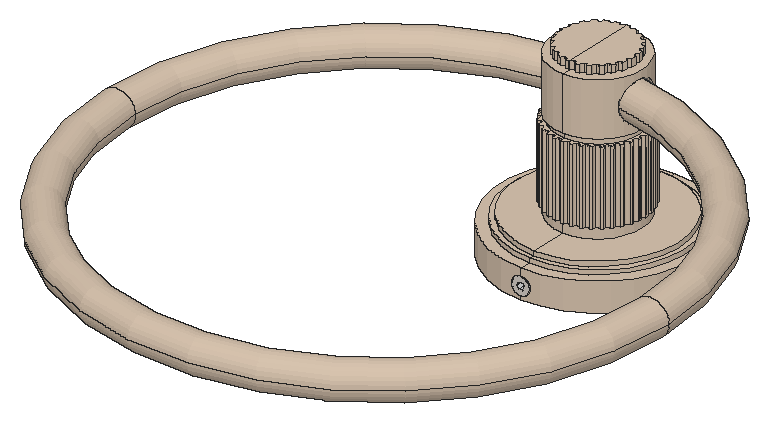
Revit family "Accessory-Towel_Ring-KALLISTA-Vir_Stil-P80246", category Specialty Equipment, host Face, Revit 2021
Family settings
  Host = Face
  Round Connector Dimension = Use Diameter
  Part Type = Normal
  OmniClass Number = 23.31.25.00
  OmniClass Title = Toilet and Bath Specialties
  Cut with Voids When Loaded = No
  Shared = No
  Room Calculation Point = No
Parameters (values of type "BAF-Brushed French Gold")
  Width = 2.09843"
  WaterSense Certified = 1 = 0  # no
  URL = "https://www.kallista.com/"
  Type = 1
  Product Page URL = ""
  Product Name = "Vir Stil"  # constant formula
  Product Documentation Link = ""
  Model = if(Type = 1, "P80246-00-BAF", if(Type = 2, "P80246-00-BN", if(Type = 3, "P80246-00-CP", if(Type = 4, "P80246-00-SN", "NA"))))  # "P80246-00-BAF"
  Material = "Premium Metal Construction"  # constant formula
  Master Format 2014 Name = "Toilet, Bath, and Laundry Accessories"  # constant formula
  Master Format 2014 = "10 28 00"  # constant formula
  Manufacturer Address = "444 Highland Dr, Kohler, WI 53044"  # constant formula
  Manufacturer = "Kallista Co."  # constant formula
  Length = 6 95/256"  # constant formula
  Height = 7 33/128"  # constant formula
  Finish = Kallista-Metal-BAF-Brushed_French_Gold
  Environmental Product Declaration = ""
  Description = "Towel Ring"  # constant formula
  Default Elevation = 42"
  Declare Label = ""
  Date Modified = "10/26/2023"  # constant formula
  Date Created = "10/26/2023"  # constant formula
  Copyright = "Copyright Kallista Co."  # constant formula
  Contact Us = "https://www.kallista.com/corporate/contact-us/"
  Assembly Code = "C1030200"
  ADA Compliant = 1 = 0  # no
Reference planes (in)
  plane 1 "Center (Front/Back)": y = 0
  plane 2: z = 0
  plane 3 "Center (Left/Right)": x = 0
  plane 4: y = 1.08268
  plane 5: y = -6.17514
  plane 6: y = -1.08268
  plane 7: x = -1.08268
  plane 8: x = 1.08268
  plane 9: z = 1.51155
  plane 10: z = 1.90526
  plane 11: z = 0.41339
  plane 12: z = 1.70841
  plane 13: x = 3.18504
  plane 14: x = -3.18605
  plane 15: y = 0.52953
  plane 16: y = -0.52953
  plane 17: z = 2.09843
Dimensions and locks (in)
  "Height": plane 4 to plane 5
  plane 7 to plane 8 = 2.16535"  (x2)
  "Length": plane 14 to plane 13
  plane 9 to plane 10 = 0.3937"
  plane 15 to plane 16 = 1.05906"
  level to plane 11 = 0.41339"
  plane 14 to plane 13 = 6 95/256"
  "Width": plane 17 to level
  plane 4 to plane 6 = 2.16535"
  aligned and locked: plane 2 to host face
  aligned and locked: level to host face
  aligned and locked: plane 1 "Center (Front/Back)" to nested 1
  aligned and locked: plane 3 "Center (Left/Right)" to nested 1
Automatic sketch dimensions
  host sketch curve to host sketch curve = 96"  (x2)
Nested families (in)
  nested 1: "P80246" at (0, 0, 0), type "P80246"
Definition of nested family "P80246"
  Parameters
    Material = none
    Default Elevation = 0"
  Reference planes (in)
    plane 1 "Center (Front/Back)": y = 0
    plane 2: z = 0
    plane 3 "Center (Left/Right)": x = 0
    plane 4: z = 2.09843
    plane 5: y = -0.52953
    plane 6: y = 0.52953
    plane 7: z = 0.41339
    plane 8: y = -1.08268
    plane 9: y = 1.08268
    plane 10 "sw": z = 1.70841
    plane 11: z = 1.90526
    plane 12: z = 1.51155
    plane 13: y = -6.17323
    plane 14: x = -3.18504
    plane 15: x = 3.18504
    plane 16: x = -1.08268
    plane 17: x = 1.08268
  Forms (in)
    Sweep 1, void
      path origin (0, 0, 1.70841) x (-1, 0, 0) y (0, -1, 0)
        loop
          circle (0, 2.99214) r 2.99214
      profile origin (2.99214, -2.99214, 1.70841) x (-1, 0, 0) y (0, 0, 1)
        loop
          circle (0, 0) r 0.21654
    Revolve 2, solid, material <- "Material", detail levels medium+fine
      sketch origin (0, 0, 0) x (0, 1, 0) y (0, 0, 1)
        loop
          line (1.08268, 0) -> (1.08268, 0.31498) -> (0.96063, 0.31498) -> (0.96063, 0.36222) -> (0.90158, 0.36222) -> (0.90158, 0.41341) -> (0, 0.41341) -> (0, 0) -> (1.08268, 0)
        loop
          line (0.53115, 0.53155) -> (0.53115, 1.35042) -> (0.465, 1.35042) -> (0.465, 1.41343) -> (0.49575, 1.41343) -> (0.49575, 2.00396) -> (0.31124, 2.00396) -> (0.35403, 2.01953) -> (0.41207, 2.01953) -> (0.41207, 2.09845) -> (0, 2.09845) -> (0, 0.53155) -> (0.53115, 0.53155)
        axis (0, 0) -> (0, 2.09845)
      angle from 0 to 360
    Revolve 3, solid, material <- "Material", detail levels medium+fine
      sketch origin (0, 0, 0) x (0, 1, 0) y (0, 0, 1)
        loop
          line (0, 0.53155) -> (0, 0.41341) -> (0.495, 0.41341) -> (0.495, 0.53155) -> (0, 0.53155)
        axis (0, 0.41341) -> (0, 0.53155)
      angle from 0 to 360
    Extrusion 4, void
      sketch origin (0, 0, 0) x (1, 0, 0) y (0, 1, 0)
        loop
          circle (0.44861, -0.28438) r 0.03171
      from 0.47999 to 1.39363
    Extrusion 5, void
      sketch origin (0, 0, 0) x (0.984808, 0.173648, 0) y (-0.173648, 0.984808, 0)
        loop
          circle (0.44861, -0.28438) r 0.03171
      from 0.47999 to 1.39363
    Extrusion 6, void
      sketch origin (0, 0, 0) x (0.939693, 0.34202, 0) y (-0.34202, 0.939693, 0)
        loop
          circle (0.44861, -0.28438) r 0.03171
      from 0.47999 to 1.39363
    Extrusion 7, void
      sketch origin (0, 0, 0) x (0.866025, 0.5, 0) y (-0.5, 0.866025, 0)
        loop
          circle (0.44861, -0.28438) r 0.03171
      from 0.47999 to 1.39363
    Extrusion 8, void
      sketch origin (0, 0, 0) x (0.766044, 0.642788, 0) y (-0.642788, 0.766044, 0)
        loop
          circle (0.44861, -0.28438) r 0.03171
      from 0.47999 to 1.39363
    Extrusion 9, void
      sketch origin (0, 0, 0) x (0.642788, 0.766044, 0) y (-0.766044, 0.642788, 0)
        loop
          circle (0.44861, -0.28438) r 0.03171
      from 0.47999 to 1.39363
    Extrusion 10, void
      sketch origin (0, 0, 0) x (0.5, 0.866025, 0) y (-0.866025, 0.5, 0)
        loop
          circle (0.44861, -0.28438) r 0.03171
      from 0.47999 to 1.39363
    Extrusion 11, void
      sketch origin (0, 0, 0) x (0.34202, 0.939693, 0) y (-0.939693, 0.34202, 0)
        loop
          circle (0.44861, -0.28438) r 0.03171
      from 0.47999 to 1.39363
    Extrusion 12, void
      sketch origin (0, 0, 0) x (0.173648, 0.984808, 0) y (-0.984808, 0.173648, 0)
        loop
          circle (0.44861, -0.28438) r 0.03171
      from 0.47999 to 1.39363
    Extrusion 13, void
      sketch origin (0, 0, 0) x (0, 1, 0) y (-1, 0, 0)
        loop
          circle (0.44861, -0.28438) r 0.03171
      from 0.47999 to 1.39363
    Extrusion 14, void
      sketch origin (0, 0, 0) x (-0.173648, 0.984808, 0) y (-0.984808, -0.173648, 0)
        loop
          circle (0.44861, -0.28438) r 0.03171
      from 0.47999 to 1.39363
    Extrusion 15, void
      sketch origin (0, 0, 0) x (-0.34202, 0.939693, 0) y (-0.939693, -0.34202, 0)
        loop
          circle (0.44861, -0.28438) r 0.03171
      from 0.47999 to 1.39363
    Extrusion 16, void
      sketch origin (0, 0, 0) x (-0.5, 0.866025, 0) y (-0.866025, -0.5, 0)
        loop
          circle (0.44861, -0.28438) r 0.03171
      from 0.47999 to 1.39363
    Extrusion 17, void
      sketch origin (0, 0, 0) x (-0.642788, 0.766044, 0) y (-0.766044, -0.642788, 0)
        loop
          circle (0.44861, -0.28438) r 0.03171
      from 0.47999 to 1.39363
    Extrusion 18, void
      sketch origin (0, 0, 0) x (-0.766044, 0.642788, 0) y (-0.642788, -0.766044, 0)
        loop
          circle (0.44861, -0.28438) r 0.03171
      from 0.47999 to 1.39363
    Extrusion 19, void
      sketch origin (0, 0, 0) x (-0.866025, 0.5, 0) y (-0.5, -0.866025, 0)
        loop
          circle (0.44861, -0.28438) r 0.03171
      from 0.47999 to 1.39363
    Extrusion 20, void
      sketch origin (0, 0, 0) x (-0.939693, 0.34202, 0) y (-0.34202, -0.939693, 0)
        loop
          circle (0.44861, -0.28438) r 0.03171
      from 0.47999 to 1.39363
    Extrusion 21, void
      sketch origin (0, 0, 0) x (-0.984808, 0.173648, 0) y (-0.173648, -0.984808, 0)
        loop
          circle (0.44861, -0.28438) r 0.03171
      from 0.47999 to 1.39363
    Extrusion 22, void
      sketch origin (0, 0, 0) x (-1, 0, 0) y (0, -1, 0)
        loop
          circle (0.44861, -0.28438) r 0.03171
      from 0.47999 to 1.39363
    Extrusion 23, void
      sketch origin (0, 0, 0) x (-0.984808, -0.173648, 0) y (0.173648, -0.984808, 0)
        loop
          circle (0.44861, -0.28438) r 0.03171
      from 0.47999 to 1.39363
    Extrusion 24, void
      sketch origin (0, 0, 0) x (-0.939693, -0.34202, 0) y (0.34202, -0.939693, 0)
        loop
          circle (0.44861, -0.28438) r 0.03171
      from 0.47999 to 1.39363
    Extrusion 25, void
      sketch origin (0, 0, 0) x (-0.866025, -0.5, 0) y (0.5, -0.866025, 0)
        loop
          circle (0.44861, -0.28438) r 0.03171
      from 0.47999 to 1.39363
    Extrusion 26, void
      sketch origin (0, 0, 0) x (-0.766044, -0.642788, 0) y (0.642788, -0.766044, 0)
        loop
          circle (0.44861, -0.28438) r 0.03171
      from 0.47999 to 1.39363
    Extrusion 27, void
      sketch origin (0, 0, 0) x (-0.642788, -0.766044, 0) y (0.766044, -0.642788, 0)
        loop
          circle (0.44861, -0.28438) r 0.03171
      from 0.47999 to 1.39363
    Extrusion 28, void
      sketch origin (0, 0, 0) x (-0.5, -0.866025, 0) y (0.866025, -0.5, 0)
        loop
          circle (0.44861, -0.28438) r 0.03171
      from 0.47999 to 1.39363
    Extrusion 29, void
      sketch origin (0, 0, 0) x (-0.34202, -0.939693, 0) y (0.939693, -0.34202, 0)
        loop
          circle (0.44861, -0.28438) r 0.03171
      from 0.47999 to 1.39363
    Extrusion 30, void
      sketch origin (0, 0, 0) x (-0.173648, -0.984808, 0) y (0.984808, -0.173648, 0)
        loop
          circle (0.44861, -0.28438) r 0.03171
      from 0.47999 to 1.39363
    Extrusion 31, void
      sketch origin (0, 0, 0) x (0, -1, 0) y (1, 0, 0)
        loop
          circle (0.44861, -0.28438) r 0.03171
      from 0.47999 to 1.39363
    Extrusion 32, void
      sketch origin (0, 0, 0) x (0.173648, -0.984808, 0) y (0.984808, 0.173648, 0)
        loop
          circle (0.44861, -0.28438) r 0.03171
      from 0.47999 to 1.39363
    Extrusion 33, void
      sketch origin (0, 0, 0) x (0.34202, -0.939693, 0) y (0.939693, 0.34202, 0)
        loop
          circle (0.44861, -0.28438) r 0.03171
      from 0.47999 to 1.39363
    Extrusion 34, void
      sketch origin (0, 0, 0) x (0.5, -0.866025, 0) y (0.866025, 0.5, 0)
        loop
          circle (0.44861, -0.28438) r 0.03171
      from 0.47999 to 1.39363
    Extrusion 35, void
      sketch origin (0, 0, 0) x (0.642788, -0.766044, 0) y (0.766044, 0.642788, 0)
        loop
          circle (0.44861, -0.28438) r 0.03171
      from 0.47999 to 1.39363
    Extrusion 36, void
      sketch origin (0, 0, 0) x (0.766044, -0.642788, 0) y (0.642788, 0.766044, 0)
        loop
          circle (0.44861, -0.28438) r 0.03171
      from 0.47999 to 1.39363
    Extrusion 37, void
      sketch origin (0, 0, 0) x (0.866025, -0.5, 0) y (0.5, 0.866025, 0)
        loop
          circle (0.44861, -0.28438) r 0.03171
      from 0.47999 to 1.39363
    Extrusion 38, void
      sketch origin (0, 0, 0) x (0.939693, -0.34202, 0) y (0.34202, 0.939693, 0)
        loop
          circle (0.44861, -0.28438) r 0.03171
      from 0.47999 to 1.39363
    Extrusion 39, void
      sketch origin (0, 0, 0) x (0.984808, -0.173648, 0) y (0.173648, 0.984808, 0)
        loop
          circle (0.44861, -0.28438) r 0.03171
      from 0.47999 to 1.39363
    Extrusion 40, void
      sketch origin (0.00128, 0.00547, 0) x (1, 0, 0) y (0, 1, 0)
        loop
          circle (-0.41285, 0.05926) r 0.03221
      from 2.00866 to 2.1128
    Extrusion 41, void
      sketch origin (-0.00018, 0.00562, 0) x (0.965926, 0.258819, 0) y (-0.258819, 0.965926, 0)
        loop
          circle (-0.41285, 0.05926) r 0.03221
      from 2.00866 to 2.1128
    Extrusion 42, void
      sketch origin (-0.00163, 0.00538, 0) x (0.866025, 0.5, 0) y (-0.5, 0.866025, 0)
        loop
          circle (-0.41285, 0.05926) r 0.03221
      from 2.00866 to 2.1128
    Extrusion 43, void
      sketch origin (-0.00297, 0.00477, 0) x (0.707107, 0.707107, 0) y (-0.707107, 0.707107, 0)
        loop
          circle (-0.41285, 0.05926) r 0.03221
      from 2.00866 to 2.1128
    Extrusion 44, void
      sketch origin (-0.0041, 0.00384, 0) x (0.5, 0.866025, 0) y (-0.866025, 0.5, 0)
        loop
          circle (-0.41285, 0.05926) r 0.03221
      from 2.00866 to 2.1128
    Extrusion 45, void
      sketch origin (-0.00495, 0.00265, 0) x (0.258819, 0.965926, 0) y (-0.965926, 0.258819, 0)
        loop
          circle (-0.41285, 0.05926) r 0.03221
      from 2.00866 to 2.1128
    Extrusion 46, void
      sketch origin (-0.00547, 0.00128, 0) x (0, 1, 0) y (-1, 0, 0)
        loop
          circle (-0.41285, 0.05926) r 0.03221
      from 2.00866 to 2.1128
    Extrusion 47, void
      sketch origin (-0.00562, -0.00018, 0) x (-0.258819, 0.965926, 0) y (-0.965926, -0.258819, 0)
        loop
          circle (-0.41285, 0.05926) r 0.03221
      from 2.00866 to 2.1128
    Extrusion 48, void
      sketch origin (-0.00538, -0.00163, 0) x (-0.5, 0.866025, 0) y (-0.866025, -0.5, 0)
        loop
          circle (-0.41285, 0.05926) r 0.03221
      from 2.00866 to 2.1128
    Extrusion 49, void
      sketch origin (-0.00477, -0.00297, 0) x (-0.707107, 0.707107, 0) y (-0.707107, -0.707107, 0)
        loop
          circle (-0.41285, 0.05926) r 0.03221
      from 2.00866 to 2.1128
    Extrusion 50, void
      sketch origin (-0.00384, -0.0041, 0) x (-0.866025, 0.5, 0) y (-0.5, -0.866025, 0)
        loop
          circle (-0.41285, 0.05926) r 0.03221
      from 2.00866 to 2.1128
    Extrusion 51, void
      sketch origin (-0.00265, -0.00495, 0) x (-0.965926, 0.258819, 0) y (-0.258819, -0.965926, 0)
        loop
          circle (-0.41285, 0.05926) r 0.03221
      from 2.00866 to 2.1128
    Extrusion 52, void
      sketch origin (-0.00128, -0.00547, 0) x (-1, 0, 0) y (0, -1, 0)
        loop
          circle (-0.41285, 0.05926) r 0.03221
      from 2.00866 to 2.1128
    Extrusion 53, void
      sketch origin (0.00018, -0.00562, 0) x (-0.965926, -0.258819, 0) y (0.258819, -0.965926, 0)
        loop
          circle (-0.41285, 0.05926) r 0.03221
      from 2.00866 to 2.1128
    Extrusion 54, void
      sketch origin (0.00163, -0.00538, 0) x (-0.866025, -0.5, 0) y (0.5, -0.866025, 0)
        loop
          circle (-0.41285, 0.05926) r 0.03221
      from 2.00866 to 2.1128
    Extrusion 55, void
      sketch origin (0.00297, -0.00477, 0) x (-0.707107, -0.707107, 0) y (0.707107, -0.707107, 0)
        loop
          circle (-0.41285, 0.05926) r 0.03221
      from 2.00866 to 2.1128
    Extrusion 56, void
      sketch origin (0.0041, -0.00384, 0) x (-0.5, -0.866025, 0) y (0.866025, -0.5, 0)
        loop
          circle (-0.41285, 0.05926) r 0.03221
      from 2.00866 to 2.1128
    Extrusion 57, void
      sketch origin (0.00495, -0.00265, 0) x (-0.258819, -0.965926, 0) y (0.965926, -0.258819, 0)
        loop
          circle (-0.41285, 0.05926) r 0.03221
      from 2.00866 to 2.1128
    Extrusion 58, void
      sketch origin (0.00547, -0.00128, 0) x (0, -1, 0) y (1, 0, 0)
        loop
          circle (-0.41285, 0.05926) r 0.03221
      from 2.00866 to 2.1128
    Extrusion 59, void
      sketch origin (0.00562, 0.00018, 0) x (0.258819, -0.965926, 0) y (0.965926, 0.258819, 0)
        loop
          circle (-0.41285, 0.05926) r 0.03221
      from 2.00866 to 2.1128
    Extrusion 60, void
      sketch origin (0.00538, 0.00163, 0) x (0.5, -0.866025, 0) y (0.866025, 0.5, 0)
        loop
          circle (-0.41285, 0.05926) r 0.03221
      from 2.00866 to 2.1128
    Extrusion 61, void
      sketch origin (0.00477, 0.00297, 0) x (0.707107, -0.707107, 0) y (0.707107, 0.707107, 0)
        loop
          circle (-0.41285, 0.05926) r 0.03221
      from 2.00866 to 2.1128
    Extrusion 62, void
      sketch origin (0.00384, 0.0041, 0) x (0.866025, -0.5, 0) y (0.5, 0.866025, 0)
        loop
          circle (-0.41285, 0.05926) r 0.03221
      from 2.00866 to 2.1128
    Extrusion 63, void
      sketch origin (0.00265, 0.00495, 0) x (0.965926, -0.258819, 0) y (0.258819, 0.965926, 0)
        loop
          circle (-0.41285, 0.05926) r 0.03221
      from 2.00866 to 2.1128
    Sweep 64, solid, material <- "Material"
      path origin (0, 0, 1.70841) x (-1, 0, 0) y (0, -1, 0)
        loop
          circle (0, 2.99214) r 2.99214
      profile origin (2.99214, -2.99214, 1.70841) x (-1, 0, 0) y (0, 0, 1)
        loop
          circle (0, 0) r 0.19685
    Sweep 65, solid, detail levels medium+fine
      path origin (0, 0, 1.70841) x (-1, 0, 0) y (0, -1, 0)
        loop
          arc (-0.4636, 0.03613) -> (0, 0) -> (0.4636, 0.03613) r 2.99214
      profile origin (0, 0, 1.70841) x (0, -1, 0) y (0, 0, 1)
        loop
          circle (0, 0) r 0.21654
        loop
          circle (0, 0) r 0.19685
    Extrusion 66, void
      sketch origin (0, 0, 0) x (1, 0, 0) y (0, 0, 1)
        loop
          circle (0, 0.13781) r 0.09843
      from 0.71419 to 1.42382
    Extrusion 67, solid, detail levels medium+fine
      sketch origin (0, 0, 0) x (1, 0, 0) y (0, 0, 1)
        loop
          circle (0, 0.13781) r 0.09843
        loop
          line (0.04495, 0.1416) -> (0.0192, 0.17863) -> (-0.02575, 0.17485) -> (-0.04495, 0.13403) -> (-0.0192, 0.097) -> (0.02575, 0.10078) -> (0.04495, 0.1416)
      from 0.7874 to 1.08268
    Revolve 68, solid, material <- "Material", detail levels coarse
      sketch origin (0, 0, 0) x (0, 1, 0) y (0, 0, 1)
        loop
          line (1.08268, 0) -> (1.08268, 0.41341) -> (0.53115, 0.41341) -> (0.53115, 2.09845) -> (0, 2.09845) -> (0, 0.53155) -> (0, 0) -> (1.08268, 0)
        axis (0, 0) -> (0, 2.09845)
      angle from 0 to 360
  Cuts and joins
    Sweep 1, Extrusion 4, Extrusion 5, Extrusion 6, Extrusion 7, Extrusion 8, Extrusion 9, Extrusion 10, Extrusion 11, Extrusion 12, Extrusion 13, Extrusion 14, Extrusion 15, Extrusion 16, Extrusion 17, Extrusion 18, Extrusion 19, Extrusion 20, Extrusion 21, Extrusion 22, Extrusion 23, Extrusion 24, Extrusion 25, Extrusion 26, Extrusion 27, Extrusion 28, Extrusion 29, Extrusion 30, Extrusion 31, Extrusion 32, Extrusion 33, Extrusion 34, Extrusion 35, Extrusion 36, Extrusion 37, Extrusion 38, Extrusion 39, Extrusion 40, Extrusion 41, Extrusion 42, Extrusion 43, Extrusion 44, Extrusion 45, Extrusion 46, Extrusion 47, Extrusion 48, Extrusion 49, Extrusion 50, Extrusion 51, Extrusion 52, Extrusion 53, Extrusion 54, Extrusion 55, Extrusion 56, Extrusion 57, Extrusion 58, Extrusion 59, Extrusion 60, Extrusion 61, Extrusion 62, Extrusion 63, Extrusion 66 cuts Revolve 2
    joined: Revolve 2, Revolve 3
  Lines and regions (in)
    Masking region 1
      outline origin (0, 0, 0) x (0, 1, 0) y (0, 0, 1)
        loop
          line (1.08268, 0) -> (1.08268, 0.31508) -> (0.96064, 0.31508) -> (0.96064, 0.36224) -> (0.90159, 0.36224) -> (0.90159, 0.41339) -> (0.49499, 0.41339) -> (0.49499, 0.53152) -> (0.52953, 0.53152) -> (0.52953, 1.33113)
          arc (0.52953, 1.33113) -> (0.52376, 1.34505) -> (0.50984, 1.35081) r 0.01969
          line (0.50984, 1.35081) -> (0.46319, 1.35081) -> (0.46319, 1.41342) -> (0.49393, 1.41342) -> (0.49393, 2.00397) -> (0.29051, 2.00397) -> (0.32015, 2.01973) -> (0.39238, 2.01973)
          arc (0.39238, 2.01973) -> (0.4063, 2.0255) -> (0.41207, 2.03942) r 0.01969
          line (0.41207, 2.03942) -> (0.41207, 2.07874)
          arc (0.41207, 2.07874) -> (0.4063, 2.09266) -> (0.39238, 2.09843) r 0.01969
          line (0.39238, 2.09843) -> (0.00132, 2.09843) -> (-0.39238, 2.09843)
          arc (-0.39238, 2.09843) -> (-0.4063, 2.09266) -> (-0.41207, 2.07874) r 0.01969
          line (-0.41207, 2.07874) -> (-0.41207, 2.03942)
          arc (-0.41207, 2.03942) -> (-0.4063, 2.0255) -> (-0.39238, 2.01973) r 0.01969
          line (-0.39238, 2.01973) -> (-0.32015, 2.01973) -> (-0.29051, 2.00397) -> (-0.49393, 2.00397) -> (-0.49393, 1.90526) -> (-5.97616, 1.90526)
          arc (-5.97616, 1.90526) -> (-6.06949, 1.88172) -> (-6.14051, 1.81675) r 0.19685
          arc (-6.14051, 1.81675) -> (-6.16477, 1.76496) -> (-6.17323, 1.70841) r 0.19818
          arc (-6.17323, 1.70841) -> (-6.16618, 1.6568) -> (-6.14595, 1.6088) r 0.19845
          arc (-6.14595, 1.6088) -> (-6.07399, 1.53759) -> (-5.97616, 1.51155) r 0.19685
          line (-5.97616, 1.51155) -> (-0.49393, 1.51155) -> (-0.49393, 1.41342) -> (-0.46319, 1.41342) -> (-0.46319, 1.35081) -> (-0.50984, 1.35081)
          arc (-0.50984, 1.35081) -> (-0.52376, 1.34505) -> (-0.52953, 1.33113) r 0.01969
          line (-0.52953, 1.33113) -> (-0.52953, 0.53152) -> (-0.49499, 0.53152) -> (-0.49499, 0.41339) -> (-0.90159, 0.41339) -> (-0.90159, 0.36224) -> (-0.96064, 0.36224) -> (-0.96064, 0.31508) -> (-1.08268, 0.31508) -> (-1.08268, 0) -> (1.08268, 0)
    Masking region 2
      outline origin (0, 0, 1.70841) x (-1, 0, 0) y (0, -1, 0)
        loop
          arc (-1.08257, -0.01495) -> (-0.00112, -1.08268) -> (1.08254, -0.0172) r 1.08268
          arc (1.08254, -0.0172) -> (2.30907, 0.78064) -> (3.05024, 2.04223) r 3.18933
          arc (3.05024, 2.04223) -> (3.15641, 2.51835) -> (3.18504, 3.00533) r 3.03949
          arc (3.18504, 3.00533) -> (3.16266, 3.40493) -> (3.0868, 3.7979) r 2.97207
          arc (3.0868, 3.7979) -> (0.04143, 6.173) -> (-3.06015, 3.87178) r 3.18933
          arc (-3.06015, 3.87178) -> (-3.15213, 3.44723) -> (-3.18504, 3.01407) r 3.16124
          arc (-3.18504, 3.01407) -> (-3.16771, 2.64318) -> (-3.10688, 2.2769) r 3.15106
          arc (-3.10688, 2.2769) -> (-2.3873, 0.87255) -> (-1.08257, -0.01495) r 3.18933
        loop
          arc (1.01427, 0.37875) -> (0.006, 5.7784) -> (-1.01348, 0.38086) r 2.7945
          arc (-1.01348, 0.38086) -> (0.00112, 1.08268) -> (1.01427, 0.37875) r 1.08268
    Masking region 3
      outline origin (0, 0, 0) x (1, 0, 0) y (0, 0, 1)
        loop
          line (0.00033, 2.09843) -> (-0.39338, 2.09843)
          arc (-0.39338, 2.09843) -> (-0.40729, 2.09266) -> (-0.41306, 2.07874) r 0.01969
          line (-0.41306, 2.07874) -> (-0.41306, 2.03938)
          arc (-0.41306, 2.03938) -> (-0.40729, 2.02546) -> (-0.39338, 2.0197) r 0.01969
          line (-0.39338, 2.0197) -> (-0.34366, 2.0197) -> (-0.31732, 2.00387) -> (-0.49006, 2.00387) -> (-0.49212, 1.94886)
          arc (-0.49212, 1.94886) -> (-0.48103, 1.92731) -> (-0.471, 1.90526) r 0.50182
          line (-0.471, 1.90526) -> (-2.99091, 1.90526)
          arc (-2.99091, 1.90526) -> (-3.07959, 1.88415) -> (-3.14926, 1.82535) r 0.19685
          arc (-3.14926, 1.82535) -> (-3.17716, 1.76994) -> (-3.18504, 1.70841) r 0.18378
          arc (-3.18504, 1.70841) -> (-3.17762, 1.64826) -> (-3.15098, 1.59383) r 0.18321
          arc (-3.15098, 1.59383) -> (-3.0809, 1.53333) -> (-2.99091, 1.51155) r 0.19685
          line (-2.99091, 1.51155) -> (-0.47119, 1.51155)
          arc (-0.47119, 1.51155) -> (-0.48114, 1.48972) -> (-0.49212, 1.46839) r 0.50182
          line (-0.49212, 1.46839) -> (-0.49002, 1.41343) -> (-0.45928, 1.41343) -> (-0.45928, 1.35068) -> (-0.5117, 1.35068)
          arc (-0.5117, 1.35068) -> (-0.52562, 1.34492) -> (-0.53139, 1.331) r 0.01969
          line (-0.53139, 1.331) -> (-0.53139, 0.5315) -> (-0.49324, 0.5315) -> (-0.49324, 0.41339) -> (-0.89854, 0.41339) -> (-0.89854, 0.36221) -> (-0.96065, 0.36221) -> (-0.96065, 0.31499) -> (-1.08268, 0.31499) -> (-1.08268, 0) -> (1.08268, 0) -> (1.08268, 0.31499) -> (0.96065, 0.31499) -> (0.96065, 0.36221) -> (0.89854, 0.36221) -> (0.89854, 0.41339) -> (0.49324, 0.41339) -> (0.49324, 0.5315) -> (0.53139, 0.5315) -> (0.53139, 1.331)
          arc (0.53139, 1.331) -> (0.52562, 1.34492) -> (0.5117, 1.35068) r 0.01969
          line (0.5117, 1.35068) -> (0.45928, 1.35068) -> (0.45928, 1.41343) -> (0.49002, 1.41343) -> (0.49212, 1.46839)
          arc (0.49212, 1.46839) -> (0.48114, 1.48972) -> (0.47119, 1.51155) r 0.50182
          line (0.47119, 1.51155) -> (2.99091, 1.51155)
          arc (2.99091, 1.51155) -> (3.0697, 1.52801) -> (3.13532, 1.57463) r 0.19685
          arc (3.13532, 1.57463) -> (3.17344, 1.63659) -> (3.18504, 1.70841) r 0.18708
          arc (3.18504, 1.70841) -> (3.17543, 1.77496) -> (3.14273, 1.83371) r 0.18556
          arc (3.14273, 1.83371) -> (3.07483, 1.88647) -> (2.99091, 1.90526) r 0.19685
          line (2.99091, 1.90526) -> (0.471, 1.90526)
          arc (0.471, 1.90526) -> (0.48103, 1.92731) -> (0.49212, 1.94886) r 0.50182
          line (0.49212, 1.94886) -> (0.49006, 2.00387) -> (0.31732, 2.00387) -> (0.34366, 2.0197) -> (0.39338, 2.0197)
          arc (0.39338, 2.0197) -> (0.40729, 2.02546) -> (0.41306, 2.03938) r 0.01969
          line (0.41306, 2.03938) -> (0.41306, 2.07874)
          arc (0.41306, 2.07874) -> (0.40729, 2.09266) -> (0.39338, 2.09843) r 0.01969
          line (0.39338, 2.09843) -> (0.00033, 2.09843)
    symbolic lines, detail levels medium+fine
      curve 1: line (0, 0.32015, 2.01973) -> (0, -0.32015, 2.01973)
      curve 2: line (0, 0.29051, 2.00397) -> (0, -0.29051, 2.00397)
      curve 3: line (0, 0.41207, 2.03942) -> (0, -0.41207, 2.03942)
      curve 4: line (0, 0.41207, 2.07874) -> (0, -0.41207, 2.07874)
      curve 5: line (0, 0.39238, 2.09843) -> (0, 0.39238, 2.01973)
      curve 6: line (0, -0.39238, 2.09843) -> (0, -0.39238, 2.01973)
      curve 7: line (0, -0.3727, 2.09843) -> (0, -0.3727, 2.01973)
      curve 8: line (0, -0.35301, 2.09843) -> (0, -0.35301, 2.01973)
      curve 9: line (0, -0.33333, 2.09843) -> (0, -0.33333, 2.01973)
      curve 10: line (0, -0.31364, 2.09843) -> (0, -0.31364, 2.01973)
      curve 11: line (0, -0.29396, 2.09843) -> (0, -0.29396, 2.01973)
      curve 12: line (0, -0.27427, 2.09843) -> (0, -0.27427, 2.01973)
      curve 13: line (0, -0.25459, 2.09843) -> (0, -0.25459, 2.01973)
      curve 14: line (0, -0.2349, 2.09843) -> (0, -0.2349, 2.01973)
      curve 15: line (0, -0.21522, 2.09843) -> (0, -0.21522, 2.01973)
      curve 16: line (0, -0.19553, 2.09843) -> (0, -0.19553, 2.01973)
      curve 17: line (0, -0.17585, 2.09843) -> (0, -0.17585, 2.01973)
      curve 18: line (0, -0.15616, 2.09843) -> (0, -0.15616, 2.01973)
      curve 19: line (0, -0.13648, 2.09843) -> (0, -0.13648, 2.01973)
      curve 20: line (0, -0.11679, 2.09843) -> (0, -0.11679, 2.01973)
      curve 21: line (0, -0.09711, 2.09843) -> (0, -0.09711, 2.01973)
      curve 22: line (0, -0.07742, 2.09843) -> (0, -0.07742, 2.01973)
      curve 23: line (0, -0.05774, 2.09843) -> (0, -0.05774, 2.01973)
      curve 24: line (0, -0.03805, 2.09843) -> (0, -0.03805, 2.01973)
      curve 25: line (0, -0.01837, 2.09843) -> (0, -0.01837, 2.01973)
      curve 26: line (0, 0.00132, 2.09843) -> (0, 0.00132, 2.01973)
      curve 27: line (0, 0.021, 2.09843) -> (0, 0.021, 2.01973)
      curve 28: line (0, 0.04069, 2.09843) -> (0, 0.04069, 2.01973)
      curve 29: line (0, 0.06037, 2.09843) -> (0, 0.06037, 2.01973)
      curve 30: line (0, 0.08006, 2.09843) -> (0, 0.08006, 2.01973)
      curve 31: line (0, 0.09974, 2.09843) -> (0, 0.09974, 2.01973)
      curve 32: line (0, 0.11943, 2.09843) -> (0, 0.11943, 2.01973)
      curve 33: line (0, 0.13911, 2.09843) -> (0, 0.13911, 2.01973)
      curve 34: line (0, 0.1588, 2.09843) -> (0, 0.1588, 2.01973)
      curve 35: line (0, 0.17848, 2.09843) -> (0, 0.17848, 2.01973)
      curve 36: line (0, 0.19817, 2.09843) -> (0, 0.19817, 2.01973)
      curve 37: line (0, 0.21785, 2.09843) -> (0, 0.21785, 2.01973)
      curve 38: line (0, 0.23754, 2.09843) -> (0, 0.23754, 2.01973)
      curve 39: line (0, 0.25722, 2.09843) -> (0, 0.25722, 2.01973)
      curve 40: line (0, 0.27691, 2.09843) -> (0, 0.27691, 2.01973)
      curve 41: line (0, 0.29659, 2.09843) -> (0, 0.29659, 2.01973)
      curve 42: line (0, 0.31628, 2.09843) -> (0, 0.31628, 2.01973)
      curve 43: line (0, 0.33597, 2.09843) -> (0, 0.33597, 2.01973)
      curve 44: line (0, 0.35565, 2.09843) -> (0, 0.35565, 2.01973)
      curve 45: line (0, 0.37534, 2.09843) -> (0, 0.37534, 2.01973)
      curve 46: arc (0, -0.13718, 1.51155) -> (0, 0.24016, 1.70916) -> (0, -0.13796, 1.90526) r 0.24016
      curve 47: line (0, -0.49393, 1.90526) -> (0, 0, 1.90526)
      curve 48: line (0, -0.49393, 1.51155) -> (0, 0, 1.51155)
      curve 49: arc (0, 0, 1.90526) -> (0, 0.19685, 1.70841) -> (0, 0, 1.51155) r 0.19685
      curve 50: line (0, 0.46319, 1.41342) -> (0, -0.46319, 1.41342)
      curve 51: line (0, 0.45472, 1.35081) -> (0, -0.47047, 1.35081)
      curve 52: line (0, 0.52953, 1.33113) -> (0, -0.52953, 1.33113)
      curve 53: line (0, 0.49499, 0.53152) -> (0, -0.49016, 0.53152)
      curve 54: line (0, 0.49499, 0.41339) -> (0, -0.49499, 0.41339)
      curve 55: line (0, 0.90159, 0.36224) -> (0, -0.90159, 0.36224)
      curve 56: line (0, 0.96064, 0.31508) -> (0, -0.96064, 0.31508)
      curve 57: arc (0, -1.08268, 0.22889) -> (0, -1.07619, 0.13726) -> (0, -1.08268, 0.04562) r 0.6508
      curve 58: line (0, 0.50984, 1.35081) -> (0, 0.50984, 0.53152)
      curve 59: line (0, -0.50984, 1.35081) -> (0, -0.50984, 0.53152)
      curve 60: line (0, -0.49016, 1.35081) -> (0, -0.49016, 0.53152)
      curve 61: line (0, -0.47047, 1.35081) -> (0, -0.47047, 0.53152)
      curve 62: line (0, -0.27362, 1.35081) -> (0, -0.27362, 0.53152)
      curve 63: line (0, -0.25394, 1.35081) -> (0, -0.25394, 0.53152)
      curve 64: line (0, -0.23425, 1.35081) -> (0, -0.23425, 0.53152)
      curve 65: line (0, -0.21457, 1.35081) -> (0, -0.21457, 0.53152)
      curve 66: line (0, -0.19488, 1.35081) -> (0, -0.19488, 0.53152)
      curve 67: line (0, -0.1752, 1.35081) -> (0, -0.1752, 0.53152)
      curve 68: line (0, -0.15551, 1.35081) -> (0, -0.15551, 0.53152)
      curve 69: line (0, -0.13583, 1.35081) -> (0, -0.13583, 0.53152)
      curve 70: line (0, -0.11614, 1.35081) -> (0, -0.11614, 0.53152)
      curve 71: line (0, -0.09646, 1.35081) -> (0, -0.09646, 0.53152)
      curve 72: line (0, -0.07677, 1.35081) -> (0, -0.07677, 0.53152)
      curve 73: line (0, -0.05709, 1.35081) -> (0, -0.05709, 0.53152)
      curve 74: line (0, -0.0374, 1.35081) -> (0, -0.0374, 0.53152)
      curve 75: line (0, -0.01772, 1.35081) -> (0, -0.01772, 0.53152)
      curve 76: line (0, 0.00197, 1.35081) -> (0, 0.00197, 0.53152)
      curve 77: line (0, 0.02165, 1.35081) -> (0, 0.02165, 0.53152)
      curve 78: line (0, 0.04134, 1.35081) -> (0, 0.04134, 0.53152)
      curve 79: line (0, 0.06102, 1.35081) -> (0, 0.06102, 0.53152)
      curve 80: line (0, 0.08071, 1.35081) -> (0, 0.08071, 0.53152)
      curve 81: line (0, 0.10039, 1.35081) -> (0, 0.10039, 0.53152)
      curve 82: line (0, 0.12008, 1.35081) -> (0, 0.12008, 0.53152)
      curve 83: line (0, 0.13976, 1.35081) -> (0, 0.13976, 0.53152)
      curve 84: line (0, 0.15945, 1.35081) -> (0, 0.15945, 0.53152)
      curve 85: line (0, 0.17913, 1.35081) -> (0, 0.17913, 0.53152)
      curve 86: line (0, 0.19882, 1.35081) -> (0, 0.19882, 0.53152)
      curve 87: line (0, 0.2185, 1.35081) -> (0, 0.2185, 0.53152)
      curve 88: line (0, 0.23819, 1.35081) -> (0, 0.23819, 0.53152)
      curve 89: line (0, 0.25787, 1.35081) -> (0, 0.25787, 0.53152)
      curve 90: line (0, 0.27756, 1.35081) -> (0, 0.27756, 0.53152)
      curve 91: line (0, 0.29724, 1.35081) -> (0, 0.29724, 0.53152)
      curve 92: line (0, 0.31693, 1.35081) -> (0, 0.31693, 0.53152)
      curve 93: line (0, 0.33661, 1.35081) -> (0, 0.33661, 0.53152)
      curve 94: line (0, 0.3563, 1.35081) -> (0, 0.3563, 0.53152)
      curve 95: line (0, 0.37598, 1.35081) -> (0, 0.37598, 0.53152)
      curve 96: line (0, 0.39567, 1.35081) -> (0, 0.39567, 0.53152)
      curve 97: line (0, 0.41535, 1.35081) -> (0, 0.41535, 0.53152)
      curve 98: line (0, 0.43504, 1.35081) -> (0, 0.43504, 0.53152)
      curve 99: line (0, 0.45472, 1.35081) -> (0, 0.45472, 0.53152)
      curve 100: line (0, 0.47441, 1.35081) -> (0, 0.47441, 0.53152)
      curve 101: line (0, 0.49409, 1.35081) -> (0, 0.49409, 0.53152)
      curve 102: line (0, -0.45079, 1.35081) -> (0, -0.45079, 0.53152)
      curve 103: line (0, -0.4311, 1.35081) -> (0, -0.4311, 0.53152)
      curve 104: line (0, -0.41142, 1.35081) -> (0, -0.41142, 0.53152)
      curve 105: line (0, -0.39173, 1.35081) -> (0, -0.39173, 0.53152)
      curve 106: line (0, -0.37205, 1.35081) -> (0, -0.37205, 0.53152)
      curve 107: line (0, -0.35236, 1.35081) -> (0, -0.35236, 0.53152)
      curve 108: line (0, -0.33268, 1.35081) -> (0, -0.33268, 0.53152)
      curve 109: line (0, -0.31299, 1.35081) -> (0, -0.31299, 0.53152)
      curve 110: line (0, -0.29331, 1.35081) -> (0, -0.29331, 0.53152)
      curve 111: arc (-0.45891, 0.1753, 1.70841) -> (-0.68024, 0.13384, 1.70841) -> (-0.89824, 0.07748, 1.70841) r 3.32175
      curve 112: arc (0.508, 0.15513, 1.70841) -> (0.70472, 0.12184, 1.70841) -> (0.89851, 0.07434, 1.70841) r 2.74186
      curve 113: arc (0.43993, -0.22687, 1.70841) -> (0.64308, -0.26605, 1.70841) -> (0.84263, -0.32065, 1.70841) r 2.70416
      curve 114: arc (-0.47569, -0.23631, 1.70841) -> (-0.66097, -0.27091, 1.70841) -> (-0.84312, -0.31936, 1.70841) r 2.49913
      curve 115: arc (-0.45891, 0.1753, 1.70841) -> (-0.45063, 0.19574, 1.70841) -> (-0.44143, 0.21579, 1.70841) r 0.49305
      curve 116: arc (0.471, 0, 1.90526) -> (0.43087, 0, 1.70839) -> (0.47119, 0, 1.51155) r 0.50182
      curve 117: arc (-0.471, 0, 1.90526) -> (-0.43087, 0, 1.70839) -> (-0.47119, 0, 1.51155) r 0.50182
      curve 118: line (0.96065, 0, 0.31499) -> (-0.96065, 0, 0.31499)
      curve 119: line (0.89854, 0, 0.36221) -> (-0.89854, 0, 0.36221)
      curve 120: line (0.49324, 0, 0.41339) -> (-0.49324, 0, 0.41339)
      curve 121: line (0.49202, 0, 0.5315) -> (-0.49223, 0, 0.5315)
      curve 122: line (0.45265, 0, 1.35068) -> (-0.45286, 0, 1.35068)
      curve 123: line (0.45928, 0, 1.41343) -> (-0.45928, 0, 1.41343)
      curve 124: line (0.36273, 0, 2.0197) -> (-0.34775, 0, 2.0197)
      curve 125: line (0.31732, 0, 2.00387) -> (-0.31732, 0, 2.00387)
      curve 126: line (0.41306, 0, 2.07874) -> (-0.41306, 0, 2.07874)
      curve 127: line (0.41306, 0, 2.03938) -> (-0.41306, 0, 2.03938)
      curve 128: line (0.5117, 0, 1.35068) -> (0.5117, 0, 0.5315)
      curve 129: line (0.49202, 0, 1.35068) -> (0.49202, 0, 0.5315)
      curve 130: line (0.47233, 0, 1.35068) -> (0.47233, 0, 0.5315)
      curve 131: line (0.45265, 0, 1.35068) -> (0.45265, 0, 0.5315)
      curve 132: line (0.43296, 0, 1.35068) -> (0.43296, 0, 0.5315)
      curve 133: line (0.41328, 0, 1.35068) -> (0.41328, 0, 0.5315)
      curve 134: line (0.39359, 0, 1.35068) -> (0.39359, 0, 0.5315)
      curve 135: line (0.37391, 0, 1.35068) -> (0.37391, 0, 0.5315)
      curve 136: line (0.35422, 0, 1.35068) -> (0.35422, 0, 0.5315)
      curve 137: line (0.33454, 0, 1.35068) -> (0.33454, 0, 0.5315)
      curve 138: line (0.31485, 0, 1.35068) -> (0.31485, 0, 0.5315)
      curve 139: line (0.29517, 0, 1.35068) -> (0.29517, 0, 0.5315)
      curve 140: line (0.27548, 0, 1.35068) -> (0.27548, 0, 0.5315)
      curve 141: line (0.2558, 0, 1.35068) -> (0.2558, 0, 0.5315)
      curve 142: line (0.23611, 0, 1.35068) -> (0.23611, 0, 0.5315)
      curve 143: line (0.21643, 0, 1.35068) -> (0.21643, 0, 0.5315)
      curve 144: line (0.19674, 0, 1.35068) -> (0.19674, 0, 0.5315)
      curve 145: line (0.17706, 0, 1.35068) -> (0.17706, 0, 0.5315)
      curve 146: line (0.15737, 0, 1.35068) -> (0.15737, 0, 0.5315)
      curve 147: line (0.13769, 0, 1.35068) -> (0.13769, 0, 0.5315)
      curve 148: line (0.118, 0, 1.35068) -> (0.118, 0, 0.5315)
      curve 149: line (0.09832, 0, 1.35068) -> (0.09832, 0, 0.5315)
      curve 150: line (0.07863, 0, 1.35068) -> (0.07863, 0, 0.5315)
      curve 151: line (0.05895, 0, 1.35068) -> (0.05895, 0, 0.5315)
      curve 152: line (0.03926, 0, 1.35068) -> (0.03926, 0, 0.5315)
      curve 153: line (0.01958, 0, 1.35068) -> (0.01958, 0, 0.5315)
      curve 154: line (-0.00011, 0, 1.35068) -> (-0.00011, 0, 0.5315)
      curve 155: line (-0.01979, 0, 1.35068) -> (-0.01979, 0, 0.5315)
      curve 156: line (-0.03948, 0, 1.35068) -> (-0.03948, 0, 0.5315)
      curve 157: line (-0.05916, 0, 1.35068) -> (-0.05916, 0, 0.5315)
      curve 158: line (-0.07885, 0, 1.35068) -> (-0.07885, 0, 0.5315)
      curve 159: line (-0.09853, 0, 1.35068) -> (-0.09853, 0, 0.5315)
      curve 160: line (-0.11822, 0, 1.35068) -> (-0.11822, 0, 0.5315)
      curve 161: line (-0.1379, 0, 1.35068) -> (-0.1379, 0, 0.5315)
      curve 162: line (-0.15759, 0, 1.35068) -> (-0.15759, 0, 0.5315)
      curve 163: line (-0.17727, 0, 1.35068) -> (-0.17727, 0, 0.5315)
      curve 164: line (-0.19696, 0, 1.35068) -> (-0.19696, 0, 0.5315)
      curve 165: line (-0.21664, 0, 1.35068) -> (-0.21664, 0, 0.5315)
      curve 166: line (-0.23633, 0, 1.35068) -> (-0.23633, 0, 0.5315)
      curve 167: line (-0.25601, 0, 1.35068) -> (-0.25601, 0, 0.5315)
      curve 168: line (-0.2757, 0, 1.35068) -> (-0.2757, 0, 0.5315)
      curve 169: line (-0.29538, 0, 1.35068) -> (-0.29538, 0, 0.5315)
      curve 170: line (-0.31507, 0, 1.35068) -> (-0.31507, 0, 0.5315)
      curve 171: line (-0.33475, 0, 1.35068) -> (-0.33475, 0, 0.5315)
      curve 172: line (-0.35444, 0, 1.35068) -> (-0.35444, 0, 0.5315)
      curve 173: line (-0.37412, 0, 1.35068) -> (-0.37412, 0, 0.5315)
      curve 174: line (-0.39381, 0, 1.35068) -> (-0.39381, 0, 0.5315)
      curve 175: line (-0.41349, 0, 1.35068) -> (-0.41349, 0, 0.5315)
      curve 176: line (-0.43318, 0, 1.35068) -> (-0.43318, 0, 0.5315)
      curve 177: line (-0.45286, 0, 1.35068) -> (-0.45286, 0, 0.5315)
      curve 178: line (-0.47255, 0, 1.35068) -> (-0.47255, 0, 0.5315)
      curve 179: line (-0.49223, 0, 1.35068) -> (-0.49223, 0, 0.5315)
      curve 180: line (-0.5117, 0, 1.35068) -> (-0.5117, 0, 0.5315)
      curve 181: line (0.39338, 0, 2.09843) -> (0.39338, 0, 2.0197)
      curve 182: line (-0.39338, 0, 2.09843) -> (-0.39338, 0, 2.0197)
      curve 183: line (-0.37369, 0, 2.09843) -> (-0.37369, 0, 2.0197)
      curve 184: line (-0.35401, 0, 2.09843) -> (-0.35401, 0, 2.0197)
      curve 185: line (-0.33432, 0, 2.09843) -> (-0.33432, 0, 2.0197)
      curve 186: line (-0.31464, 0, 2.09843) -> (-0.31464, 0, 2.0197)
      curve 187: line (-0.29495, 0, 2.09843) -> (-0.29495, 0, 2.0197)
      curve 188: line (-0.27527, 0, 2.09843) -> (-0.27527, 0, 2.0197)
      curve 189: line (-0.25558, 0, 2.09843) -> (-0.25558, 0, 2.0197)
      curve 190: line (-0.23589, 0, 2.09843) -> (-0.23589, 0, 2.0197)
      curve 191: line (-0.21621, 0, 2.09843) -> (-0.21621, 0, 2.0197)
      curve 192: line (-0.19652, 0, 2.09843) -> (-0.19652, 0, 2.0197)
      curve 193: line (-0.17684, 0, 2.09843) -> (-0.17684, 0, 2.0197)
      curve 194: line (-0.15715, 0, 2.09843) -> (-0.15715, 0, 2.0197)
      curve 195: line (-0.13747, 0, 2.09843) -> (-0.13747, 0, 2.0197)
      curve 196: line (-0.11778, 0, 2.09843) -> (-0.11778, 0, 2.0197)
      curve 197: line (-0.0981, 0, 2.09843) -> (-0.0981, 0, 2.0197)
      curve 198: line (-0.07841, 0, 2.09843) -> (-0.07841, 0, 2.0197)
      curve 199: line (-0.05873, 0, 2.09843) -> (-0.05873, 0, 2.0197)
      curve 200: line (-0.03904, 0, 2.09843) -> (-0.03904, 0, 2.0197)
      curve 201: line (-0.01936, 0, 2.09843) -> (-0.01936, 0, 2.0197)
      curve 202: line (0.00033, 0, 2.09843) -> (0.00033, 0, 2.0197)
      curve 203: line (0.02001, 0, 2.09843) -> (0.02001, 0, 2.0197)
      curve 204: line (0.0397, 0, 2.09843) -> (0.0397, 0, 2.0197)
      curve 205: line (0.05938, 0, 2.09843) -> (0.05938, 0, 2.0197)
      curve 206: line (0.07907, 0, 2.09843) -> (0.07907, 0, 2.0197)
      curve 207: line (0.09875, 0, 2.09843) -> (0.09875, 0, 2.0197)
      curve 208: line (0.11844, 0, 2.09843) -> (0.11844, 0, 2.0197)
      curve 209: line (0.13812, 0, 2.09843) -> (0.13812, 0, 2.0197)
      curve 210: line (0.15781, 0, 2.09843) -> (0.15781, 0, 2.0197)
      curve 211: line (0.17749, 0, 2.09843) -> (0.17749, 0, 2.0197)
      curve 212: line (0.19718, 0, 2.09843) -> (0.19718, 0, 2.0197)
      curve 213: line (0.21686, 0, 2.09843) -> (0.21686, 0, 2.0197)
      curve 214: line (0.23655, 0, 2.09843) -> (0.23655, 0, 2.0197)
      curve 215: line (0.25623, 0, 2.09843) -> (0.25623, 0, 2.0197)
      curve 216: line (0.27592, 0, 2.09843) -> (0.27592, 0, 2.0197)
      curve 217: line (0.2956, 0, 2.09843) -> (0.2956, 0, 2.0197)
      curve 218: line (0.31529, 0, 2.09843) -> (0.31529, 0, 2.0197)
      curve 219: line (0.33497, 0, 2.09843) -> (0.33497, 0, 2.0197)
      curve 220: line (0.35466, 0, 2.09843) -> (0.35466, 0, 2.0197)
      curve 221: line (0.37434, 0, 2.09843) -> (0.37434, 0, 2.0197)
      curve 222: arc (0.508, 0.15513, 1.70841) -> (0.49547, 0.19141, 1.70841) -> (0.48035, 0.22669, 1.70841) r 0.53115
      curve 223: line (-0.47723, 0.23319, 1.70841) -> (-0.44143, 0.21579, 1.70841)
      curve 224: line (-0.44995, 0.28226, 1.70841) -> (-0.41629, 0.26126, 1.70841)
      curve 225: line (-0.41117, 0.33625, 1.70841) -> (-0.38053, 0.31133, 1.70841)
      curve 226: line (-0.36468, 0.38618, 1.70841) -> (-0.33689, 0.35839, 1.70841)
      curve 227: line (-0.3109, 0.43066, 1.70841) -> (-0.28793, 0.39907, 1.70841)
      curve 228: line (-0.25444, 0.46625, 1.70841) -> (-0.23572, 0.43224, 1.70841)
      curve 229: line (-0.19472, 0.49417, 1.70841) -> (-0.18044, 0.45834, 1.70841)
      curve 230: line (-0.13192, 0.51451, 1.70841) -> (-0.12226, 0.47742, 1.70841)
      curve 231: line (-0.06638, 0.52699, 1.70841) -> (-0.06148, 0.48924, 1.70841)
      curve 232: line (0, 0.53115, 1.70841) -> (0, 0.49334, 1.70841)
      curve 233: line (0.0671, 0.5269, 1.70841) -> (0.0625, 0.48963, 1.70841)
      curve 234: line (0.13201, 0.51449, 1.70841) -> (0.12108, 0.47876, 1.70841)
      curve 235: line (0.19657, 0.49344, 1.70841) -> (0.18296, 0.45895, 1.70841)
      curve 236: line (0.25667, 0.46502, 1.70841) -> (0.23895, 0.43269, 1.70841)
      curve 237: line (0.31166, 0.43011, 1.70841) -> (0.29023, 0.40035, 1.70841)
      curve 238: line (0.36405, 0.38677, 1.70841) -> (0.3391, 0.36013, 1.70841)
      curve 239: line (0.40927, 0.33855, 1.70841) -> (0.38345, 0.31273, 1.70841)
      curve 240: line (0.44845, 0.28463, 1.70841) -> (0.41789, 0.26517, 1.70841)
      curve 241: line (0.48035, 0.22669, 1.70841) -> (0.44768, 0.21123, 1.70841)
      curve 242: arc (-0.41629, 0.26126, 1.70841) -> (-0.39919, 0.28686, 1.70841) -> (-0.38053, 0.31133, 1.70841) r 0.49305
      curve 243: arc (-0.33689, 0.35839, 1.70841) -> (-0.31307, 0.37952, 1.70841) -> (-0.28793, 0.39907, 1.70841) r 0.49305
      curve 244: arc (-0.23572, 0.43224, 1.70841) -> (-0.20849, 0.44615, 1.70841) -> (-0.18044, 0.45834, 1.70841) r 0.49305
      curve 245: arc (-0.12226, 0.47742, 1.70841) -> (-0.09205, 0.48429, 1.70841) -> (-0.06148, 0.48924, 1.70841) r 0.49305
      curve 246: arc (0, 0.49334, 1.70841) -> (0.03131, 0.49248, 1.70841) -> (0.0625, 0.48963, 1.70841) r 0.49305
      curve 247: arc (0.12108, 0.47876, 1.70841) -> (0.15235, 0.46987, 1.70841) -> (0.18296, 0.45895, 1.70841) r 0.49305
      curve 248: arc (0.23895, 0.43269, 1.70841) -> (0.26509, 0.41731, 1.70841) -> (0.29023, 0.40035, 1.70841) r 0.49305
      curve 249: arc (0.3391, 0.36013, 1.70841) -> (0.36206, 0.33716, 1.70841) -> (0.38345, 0.31273, 1.70841) r 0.49305
      curve 250: arc (0.41789, 0.26517, 1.70841) -> (0.43363, 0.23866, 1.70841) -> (0.44768, 0.21123, 1.70841) r 0.49305
      curve 251: arc (-0.44995, 0.28226, 1.70841) -> (-0.46424, 0.25808, 1.70841) -> (-0.47723, 0.23319, 1.70841) r 0.53115
      curve 252: arc (-0.36468, 0.38618, 1.70841) -> (-0.38873, 0.36196, 1.70841) -> (-0.41117, 0.33625, 1.70841) r 0.53115
      curve 253: arc (-0.25444, 0.46625, 1.70841) -> (-0.28323, 0.44934, 1.70841) -> (-0.3109, 0.43066, 1.70841) r 0.53115
      curve 254: arc (-0.13192, 0.51451, 1.70841) -> (-0.16364, 0.50532, 1.70841) -> (-0.19472, 0.49417, 1.70841) r 0.53115
      curve 255: arc (0, 0.53115, 1.70841) -> (-0.03325, 0.53011, 1.70841) -> (-0.06638, 0.52699, 1.70841) r 0.53115
      curve 256: arc (0.13201, 0.51449, 1.70841) -> (0.09975, 0.5217, 1.70841) -> (0.0671, 0.5269, 1.70841) r 0.53115
      curve 257: arc (0.25667, 0.46502, 1.70841) -> (0.22706, 0.48017, 1.70841) -> (0.19657, 0.49344, 1.70841) r 0.53115
      curve 258: arc (0.36405, 0.38677, 1.70841) -> (0.33855, 0.40928, 1.70841) -> (0.31166, 0.43011, 1.70841) r 0.53115
      curve 259: arc (0.44845, 0.28463, 1.70841) -> (0.42971, 0.31221, 1.70841) -> (0.40927, 0.33855, 1.70841) r 0.53115
      curve 260: line (-0.44995, -0.28226, 1.70841) -> (-0.41629, -0.26126, 1.70841)
      curve 261: line (-0.36468, -0.38618, 1.70841) -> (-0.33689, -0.35839, 1.70841)
      curve 262: line (-0.3109, -0.43066, 1.70841) -> (-0.28793, -0.39907, 1.70841)
      curve 263: line (-0.25444, -0.46625, 1.70841) -> (-0.23572, -0.43224, 1.70841)
      curve 264: line (-0.19472, -0.49417, 1.70841) -> (-0.18044, -0.45834, 1.70841)
      curve 265: line (-0.13192, -0.51451, 1.70841) -> (-0.12226, -0.47742, 1.70841)
      curve 266: line (-0.06638, -0.52699, 1.70841) -> (-0.06148, -0.48924, 1.70841)
      curve 267: line (0, -0.53115, 1.70841) -> (0, -0.49334, 1.70841)
      curve 268: line (0.0671, -0.5269, 1.70841) -> (0.0625, -0.48963, 1.70841)
      curve 269: line (0.13201, -0.51449, 1.70841) -> (0.12108, -0.47876, 1.70841)
      curve 270: line (0.19657, -0.49344, 1.70841) -> (0.18296, -0.45895, 1.70841)
      curve 271: line (0.25667, -0.46502, 1.70841) -> (0.23895, -0.43269, 1.70841)
      curve 272: line (0.31166, -0.43011, 1.70841) -> (0.29023, -0.40035, 1.70841)
      curve 273: line (0.36405, -0.38677, 1.70841) -> (0.3391, -0.36013, 1.70841)
      curve 274: line (0.40927, -0.33855, 1.70841) -> (0.38345, -0.31273, 1.70841)
      curve 275: line (0.44845, -0.28463, 1.70841) -> (0.41789, -0.26517, 1.70841)
      curve 276: arc (-0.41629, -0.26126, 1.70841) -> (-0.39919, -0.28686, 1.70841) -> (-0.38053, -0.31133, 1.70841) r 0.49305
      curve 277: arc (-0.33689, -0.35839, 1.70841) -> (-0.31307, -0.37952, 1.70841) -> (-0.28793, -0.39907, 1.70841) r 0.49305
      curve 278: arc (-0.23572, -0.43224, 1.70841) -> (-0.20849, -0.44615, 1.70841) -> (-0.18044, -0.45834, 1.70841) r 0.49305
      curve 279: arc (-0.12226, -0.47742, 1.70841) -> (-0.09205, -0.48429, 1.70841) -> (-0.06148, -0.48924, 1.70841) r 0.49305
      curve 280: arc (0, -0.49334, 1.70841) -> (0.03131, -0.49248, 1.70841) -> (0.0625, -0.48963, 1.70841) r 0.49305
      curve 281: arc (0.12108, -0.47876, 1.70841) -> (0.15235, -0.46987, 1.70841) -> (0.18296, -0.45895, 1.70841) r 0.49305
      curve 282: arc (0.23895, -0.43269, 1.70841) -> (0.26509, -0.41731, 1.70841) -> (0.29023, -0.40035, 1.70841) r 0.49305
      curve 283: arc (0.3391, -0.36013, 1.70841) -> (0.36206, -0.33716, 1.70841) -> (0.38345, -0.31273, 1.70841) r 0.49305
      curve 284: arc (0.41789, -0.26517, 1.70841) -> (0.42934, -0.24627, 1.70841) -> (0.43993, -0.22687, 1.70841) r 0.49305
      curve 285: arc (-0.44995, -0.28226, 1.70841) -> (-0.46339, -0.2596, 1.70841) -> (-0.47569, -0.23631, 1.70841) r 0.53115
      curve 286: arc (-0.36468, -0.38618, 1.70841) -> (-0.38873, -0.36196, 1.70841) -> (-0.41117, -0.33625, 1.70841) r 0.53115
      curve 287: arc (-0.25444, -0.46625, 1.70841) -> (-0.28323, -0.44934, 1.70841) -> (-0.3109, -0.43066, 1.70841) r 0.53115
      curve 288: arc (-0.13192, -0.51451, 1.70841) -> (-0.16364, -0.50532, 1.70841) -> (-0.19472, -0.49417, 1.70841) r 0.53115
      curve 289: arc (0, -0.53115, 1.70841) -> (-0.03325, -0.53011, 1.70841) -> (-0.06638, -0.52699, 1.70841) r 0.53115
      curve 290: arc (0.13201, -0.51449, 1.70841) -> (0.09975, -0.5217, 1.70841) -> (0.0671, -0.5269, 1.70841) r 0.53115
      curve 291: arc (0.25667, -0.46502, 1.70841) -> (0.22706, -0.48017, 1.70841) -> (0.19657, -0.49344, 1.70841) r 0.53115
      curve 292: arc (0.36405, -0.38677, 1.70841) -> (0.33855, -0.40928, 1.70841) -> (0.31166, -0.43011, 1.70841) r 0.53115
      curve 293: arc (0.44845, -0.28463, 1.70841) -> (0.42971, -0.31221, 1.70841) -> (0.40927, -0.33855, 1.70841) r 0.53115
      curve 294: line (-0.41117, -0.33625, 1.70841) -> (-0.38053, -0.31133, 1.70841)
      curve 295: arc (0.07685, 0.40548, 1.70841) -> (0.03859, 0.41089, 1.70841) -> (0, 0.4127, 1.70841) r 0.4127
      curve 296: arc (0.36955, 0.03498, 1.70841) -> (0.36679, 0.05702, 1.70841) -> (0.36272, 0.07886, 1.70841) r 0.3712
      curve 297: line (0, 0.4127, 1.70841) -> (0, 0.3712, 1.70841)
      curve 298: line (0.06912, 0.36471, 1.70841) -> (0.07685, 0.40548, 1.70841)
      curve 299: line (0.14146, 0.34319, 1.70841) -> (0.15728, 0.38156, 1.70841)
      curve 300: line (0.19263, 0.3173, 1.70841) -> (0.21417, 0.35278, 1.70841)
      curve 301: line (0.23459, 0.28767, 1.70841) -> (0.26407, 0.31715, 1.70841)
      curve 302: line (0.27319, 0.25131, 1.70841) -> (0.30256, 0.28067, 1.70841)
      curve 303: line (0.30294, 0.21451, 1.70841) -> (0.33681, 0.2385, 1.70841)
      curve 304: line (0.32854, 0.17276, 1.70841) -> (0.36528, 0.19208, 1.70841)
      curve 305: line (0.35209, 0.11756, 1.70841) -> (0.39146, 0.13071, 1.70841)
      curve 306: line (0.36272, 0.07886, 1.70841) -> (0.40328, 0.08768, 1.70841)
      curve 307: line (0.36955, 0.03498, 1.70841) -> (0.41086, 0.03889, 1.70841)
      curve 308: arc (0.21417, 0.35278, 1.70841) -> (0.18628, 0.36827, 1.70841) -> (0.15728, 0.38156, 1.70841) r 0.4127
      curve 309: arc (0.30256, 0.28067, 1.70841) -> (0.2839, 0.29953, 1.70841) -> (0.26407, 0.31715, 1.70841) r 0.4127
      curve 310: arc (0.36528, 0.19208, 1.70841) -> (0.35181, 0.21576, 1.70841) -> (0.33681, 0.2385, 1.70841) r 0.4127
      curve 311: arc (0.40328, 0.08768, 1.70841) -> (0.39795, 0.10935, 1.70841) -> (0.39146, 0.13071, 1.70841) r 0.4127
      curve 312: arc (0.35209, 0.11756, 1.70841) -> (0.34143, 0.14564, 1.70841) -> (0.32854, 0.17276, 1.70841) r 0.3712
      curve 313: arc (0.30294, 0.21451, 1.70841) -> (0.28865, 0.23338, 1.70841) -> (0.27319, 0.25131, 1.70841) r 0.3712
      curve 314: arc (0.23459, 0.28767, 1.70841) -> (0.21412, 0.30322, 1.70841) -> (0.19263, 0.3173, 1.70841) r 0.3712
      curve 315: arc (0.14146, 0.34319, 1.70841) -> (0.10584, 0.35579, 1.70841) -> (0.06912, 0.36471, 1.70841) r 0.3712
      curve 316: arc (0.4127, 0, 1.70841) -> (0.41224, 0.01947, 1.70841) -> (0.41086, 0.03889, 1.70841) r 0.4127
      curve 317: arc (0, 0.3712, 1.70841) -> (-0.03471, 0.36957, 1.70841) -> (-0.06912, 0.36471, 1.70841) r 0.3712
      curve 318: line (-0.06912, 0.36471, 1.70841) -> (-0.07685, 0.40548, 1.70841)
      curve 319: line (-0.14146, 0.34319, 1.70841) -> (-0.15728, 0.38156, 1.70841)
      curve 320: line (-0.19263, 0.3173, 1.70841) -> (-0.21417, 0.35278, 1.70841)
      curve 321: line (-0.23459, 0.28767, 1.70841) -> (-0.26407, 0.31715, 1.70841)
      curve 322: line (-0.27319, 0.25131, 1.70841) -> (-0.30256, 0.28067, 1.70841)
      curve 323: line (-0.30294, 0.21451, 1.70841) -> (-0.33681, 0.2385, 1.70841)
      curve 324: line (-0.32854, 0.17276, 1.70841) -> (-0.36528, 0.19208, 1.70841)
      curve 325: line (-0.35209, 0.11756, 1.70841) -> (-0.39146, 0.13071, 1.70841)
      curve 326: line (-0.36272, 0.07886, 1.70841) -> (-0.40328, 0.08768, 1.70841)
      curve 327: line (-0.36955, 0.03498, 1.70841) -> (-0.41086, 0.03889, 1.70841)
      curve 328: arc (-0.07685, 0.40548, 1.70841) -> (-0.11767, 0.39557, 1.70841) -> (-0.15728, 0.38156, 1.70841) r 0.4127
      curve 329: arc (-0.14146, 0.34319, 1.70841) -> (-0.16755, 0.33124, 1.70841) -> (-0.19263, 0.3173, 1.70841) r 0.3712
      curve 330: arc (-0.21417, 0.35278, 1.70841) -> (-0.23978, 0.3359, 1.70841) -> (-0.26407, 0.31715, 1.70841) r 0.4127
      curve 331: arc (-0.23459, 0.28767, 1.70841) -> (-0.25454, 0.27018, 1.70841) -> (-0.27319, 0.25131, 1.70841) r 0.3712
      curve 332: arc (-0.30256, 0.28067, 1.70841) -> (-0.32038, 0.26015, 1.70841) -> (-0.33681, 0.2385, 1.70841) r 0.4127
      curve 333: arc (-0.30294, 0.21451, 1.70841) -> (-0.31643, 0.19406, 1.70841) -> (-0.32854, 0.17276, 1.70841) r 0.3712
      curve 334: arc (-0.36528, 0.19208, 1.70841) -> (-0.37961, 0.16192, 1.70841) -> (-0.39146, 0.13071, 1.70841) r 0.4127
      curve 335: arc (-0.35209, 0.11756, 1.70841) -> (-0.35793, 0.09836, 1.70841) -> (-0.36272, 0.07886, 1.70841) r 0.3712
      curve 336: arc (-0.40328, 0.08768, 1.70841) -> (-0.4078, 0.0634, 1.70841) -> (-0.41086, 0.03889, 1.70841) r 0.4127
      curve 337: arc (-0.36955, 0.03498, 1.70841) -> (-0.37078, 0.01751, 1.70841) -> (-0.3712, 0, 1.70841) r 0.3712
      curve 338: arc (0.07685, -0.40548, 1.70841) -> (0.03859, -0.41089, 1.70841) -> (0, -0.4127, 1.70841) r 0.4127
      curve 339: arc (0.36955, -0.03498, 1.70841) -> (0.36679, -0.05702, 1.70841) -> (0.36272, -0.07886, 1.70841) r 0.3712
      curve 340: line (0, -0.4127, 1.70841) -> (0, -0.3712, 1.70841)
      curve 341: line (0.06912, -0.36471, 1.70841) -> (0.07685, -0.40548, 1.70841)
      curve 342: line (0.14146, -0.34319, 1.70841) -> (0.15728, -0.38156, 1.70841)
      curve 343: line (0.19263, -0.3173, 1.70841) -> (0.21417, -0.35278, 1.70841)
      curve 344: line (0.23459, -0.28767, 1.70841) -> (0.26407, -0.31715, 1.70841)
      curve 345: line (0.27319, -0.25131, 1.70841) -> (0.30256, -0.28067, 1.70841)
      curve 346: line (0.30294, -0.21451, 1.70841) -> (0.33681, -0.2385, 1.70841)
      curve 347: line (0.32854, -0.17276, 1.70841) -> (0.36528, -0.19208, 1.70841)
      curve 348: line (0.35209, -0.11756, 1.70841) -> (0.39146, -0.13071, 1.70841)
      curve 349: line (0.36272, -0.07886, 1.70841) -> (0.40328, -0.08768, 1.70841)
      curve 350: line (0.36955, -0.03498, 1.70841) -> (0.41086, -0.03889, 1.70841)
      curve 351: arc (0.21417, -0.35278, 1.70841) -> (0.18628, -0.36827, 1.70841) -> (0.15728, -0.38156, 1.70841) r 0.4127
      curve 352: arc (0.30256, -0.28067, 1.70841) -> (0.2839, -0.29953, 1.70841) -> (0.26407, -0.31715, 1.70841) r 0.4127
      curve 353: arc (0.36528, -0.19208, 1.70841) -> (0.35181, -0.21576, 1.70841) -> (0.33681, -0.2385, 1.70841) r 0.4127
